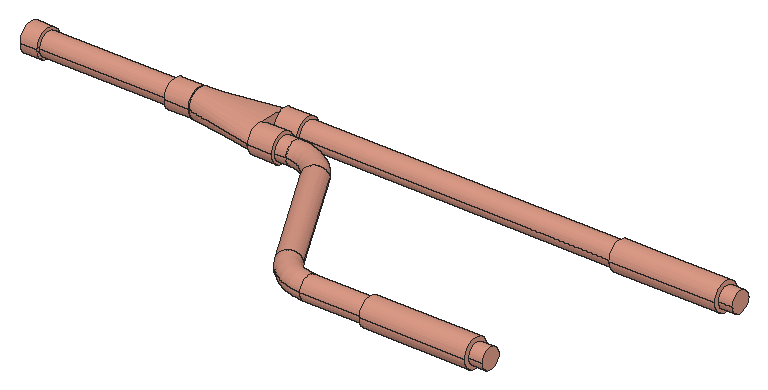
Revit family "outputfile", category 配管付属品, Revit 2024
Family settings
  丸型コネクタ寸法 = 半径を使用
  パーツ タイプ = 標準
  OmniClass 番号 = 23.65.55.00
  OmniClass タイトル = Distribution of Supplied Liquids/Gases
  作業面ベース = いいえ
  常に垂直 = はい
  ロード時にボイドで切り取り = いいえ
  共有 = いいえ
Parameters (values of type "KHRP25A22T")
  Description = ""
  製造元 = "Daikin"
  書き出し IFC クラス(タイプ) = "IfcPipeFittingType"
  定義済み IFC タイプ(タイプ) = "JUNCTION"
  Cost = 0
  Type Comments = ""
  Keynote = ""
  Type Image = (empty or 0)
  Assembly Code = ""
  mm⇔inch [instance] = yes
  l_InletPipe4 = 10.0 mm
  built-in parameter 1114242 [instance] = (empty or 0)
  Default Elevation = 0.0 mm
  モデル = "KHRP25A22T"
  table_StraightPipe [instance] = if(mm⇔inch, "Refnet Joint_KHRP25A-T_Liquid_StraightPipe", "Refnet Joint_KHRP25A-T_Liquid_StraightPipe_inch")  # "Refnet Joint_KHRP25A-T_Liquid_StraightPipe"
  table_BranchPipe [instance] = if(mm⇔inch, "Refnet Joint_KHRP25A-T_Liquid_BranchPipe", "Refnet Joint_KHRP25A-T_Liquid_BranchPipe_inch")  # "Refnet Joint_KHRP25A-T_Liquid_BranchPipe"
  table_Inlet [instance] = if(mm⇔inch, "Refnet Joint_KHRP25A-T_Liquid_Inlet", "Refnet Joint_KHRP25A-T_Liquid_Inlet_inch")  # "Refnet Joint_KHRP25A-T_Liquid_Inlet"
  switch_StraightPipe_Reducer [instance] = if(Is_StraightPipe Reducer = 1, 1 = 1, 1 = 0)  # no
  switch_StraightPipe3 [instance] = if(number_StraightPipe = 3, 1 = 1, 1 = 0)  # no
  switch_StraightPipe2 [instance] = if(number_StraightPipe < 2, 1 = 0, 1 = 1)  # yes
  switch_BranchPipe_Reducer [instance] = if(Is_BranchPipe Reducer = 1, 1 = 1, 1 = 0)  # no
  switch_BranchPipe3 [instance] = if(number_BranchPipe = 3, 1 = 1, 1 = 0)  # no
  switch_BranchPipe2 [instance] = if(number_BranchPipe < 2, 1 = 0, 1 = 1)  # yes
  switch_Inlet pipe_Reducer [instance] = if(Is_Inlet Reducer = 1, 1 = 1, 1 = 0)  # no
  switch_Inlet pipe3 [instance] = if(number_InletPipe = 3, 1 = 1, 1 = 0)  # no
  switch_Inlet pipe2 [instance] = if(number_InletPipe < 2, 1 = 0, 1 = 1)  # no
  Uniclass2015Version = "Products v1.31"
  Uniclass2015Title = "Copper pipe fittings"
  Uniclass2015Code = "Pr_65_52_63_18"
  URL = ""
  StraightPipe_Liquid_ActualDiameter [instance] = 6.4 mm
  Material_Piping = DAIKIN_Copper_Pipe
  Material_Insulation = DAIKIN_White_Insulation
  lw_Insulation [instance] = size_lookup(table_Inlet, "lw_Insulation", 26.0 mm, モデル)  # 26.0 mm
  Unit Type = "KHRP25A-T_Liquid"
  Tag No. [instance] = ""
  StraightPipe_Liquid_Status [instance] = size_lookup(table_StraightPipe, "Information", "The connected pipe size is not available.", モデル, StraightPipe_Liquid_ActualDiameter)  # "Default connector size is used."
  Link_Nested Family [instance] = ""
  Inlet_Liquid_Actual Diameter [instance] = 9.5 mm
  IfcVersion = ""
  IfcExportType = "JUNCTION"
  IfcExportAs = "IfcPipeFittingType"
  BranchPipe_Liquid_Status [instance] = size_lookup(table_BranchPipe, "Information", "The connected pipe size is not available.", モデル, BranchPipe_Liquid_ActualDiameter)  # "Default connector size is used."
  Inlet_Liquid_Status [instance] = size_lookup(table_Inlet, "Information", "The connected pipe size is not available.", モデル, Inlet_Liquid_Actual Diameter)  # "Default connector size is used."
  Series = "Refnet Joint"
  O.R_dividePipe_Inlet [instance] = (I.D_InletPipe1 + 2.0 mm) / 2  # 5.75 mm
  r_StraightPipe_Connector [instance] = StraightPipe_Liquid_ActualDiameter / 2  # 3.2 mm
  r_BranchPipe_Connector [instance] = BranchPipe_Liquid_ActualDiameter / 2  # 3.2 mm
  r_Inlet_Connector [instance] = Inlet_Liquid_Actual Diameter / 2  # 4.75 mm
  number_StraightPipe [instance] = size_lookup(table_StraightPipe, "pipeNumber", 2, モデル, StraightPipe_Liquid_ActualDiameter)  # 2
  number_BranchPipe [instance] = size_lookup(table_BranchPipe, "pipeNumber", 2, モデル, BranchPipe_Liquid_ActualDiameter)  # 2
  number_InletPipe [instance] = size_lookup(table_Inlet, "pipeNumber", 1, モデル, Inlet_Liquid_Actual Diameter)  # 1
  r_BranchPipeR [instance] = size_lookup(table_BranchPipe, "r_offsetPipeR", 18.0 mm, モデル, BranchPipe_Liquid_ActualDiameter)  # 18.0 mm
  l_BranchPipe_Straight2 [instance] = size_lookup(table_BranchPipe, "L_offsetPipe2", 25.5 mm, モデル)  # 25.5 mm
  l_BranchPipe_Straight1 [instance] = size_lookup(table_BranchPipe, "L_offsetPipe1", 5.0 mm, モデル)  # 5.0 mm
  l_BranchPipe connector [instance] = size_lookup(table_BranchPipe, "Length", 150.0 mm, モデル, BranchPipe_Liquid_ActualDiameter)  # 150.0 mm
  l_inlet connector [instance] = size_lookup(table_Inlet, "Length", 70.0 mm, モデル, Inlet_Liquid_Actual Diameter)  # 70.0 mm
  l_dividePipe [instance] = size_lookup(table_Inlet, "L_devidePipe", 30.0 mm, モデル)  # 30.0 mm
  l_StraightPipeReducer [instance] = size_lookup(table_StraightPipe, "L_Reducer", 80.0 mm, モデル, StraightPipe_Liquid_ActualDiameter)  # 80.0 mm
  l_StraightPipe3 [instance] = size_lookup(table_StraightPipe, "L_Pipe3", 2.0 mm, モデル)  # 2.0 mm
  l_StraightPipe2 [instance] = size_lookup(table_StraightPipe, "L_Pipe2", 6.0 mm, モデル)  # 6.0 mm
  l_StraightPipe1 [instance] = size_lookup(table_StraightPipe, "L_Pipe1", 44.0 mm, モデル)  # 44.0 mm
  l_StraightPipe0 [instance] = size_lookup(table_StraightPipe, "L_Pipe0", 130.0 mm, モデル)  # 130.0 mm
  l_StraightPipe connector [instance] = size_lookup(table_StraightPipe, "Length", 190.0 mm, モデル, StraightPipe_Liquid_ActualDiameter)  # 190.0 mm
  l_BranchPipe Reducer [instance] = size_lookup(table_BranchPipe, "L_Reducer", 50.0 mm, モデル, BranchPipe_Liquid_ActualDiameter)  # 50.0 mm
  l_BranchPipe3 [instance] = size_lookup(table_BranchPipe, "L_Pipe3", 2.0 mm, モデル)  # 2.0 mm
  l_BranchPipe2 [instance] = size_lookup(table_BranchPipe, "L_Pipe2", 6.0 mm, モデル)  # 6.0 mm
  l_BranchPipe1 [instance] = size_lookup(table_BranchPipe, "L_Pipe1", 44.0 mm, モデル)  # 44.0 mm
  l_BranchPipe0 [instance] = size_lookup(table_BranchPipe, "L_Pipe0", 90.0 mm, モデル)  # 90.0 mm
  l_InletReducer [instance] = size_lookup(table_Inlet, "L_Reducer", 80.0 mm, モデル, Inlet_Liquid_Actual Diameter)  # 80.0 mm
  l_InletPipe3 [instance] = size_lookup(table_Inlet, "L_Pipe3", 2.0 mm, モデル)  # 2.0 mm
  l_InletPipe2 [instance] = size_lookup(table_Inlet, "L_Pipe2", 2.0 mm, モデル)  # 2.0 mm
  l_InletPipe1 [instance] = size_lookup(table_Inlet, "L_Pipe1", 7.0 mm, モデル)  # 7.0 mm
  l_InletPipe0 [instance] = size_lookup(table_Inlet, "L_Pipe0", 53.0 mm, モデル)  # 53.0 mm
  center_StraightPipe [instance] = size_lookup(table_StraightPipe, "center_Pipe", 6.5 mm, モデル)  # 6.5 mm
  center_BranchPipe2 [instance] = size_lookup(table_BranchPipe, "center_OffsetPipe", 73.5 mm, モデル)  # 73.5 mm
  center_BranchPipe1 [instance] = size_lookup(table_BranchPipe, "center_Pipe", 6.5 mm, モデル)  # 6.5 mm
  StraightPipe_Liquid_AvailableDiameter [instance] = size_lookup(table_StraightPipe, "sizeVariation", "", モデル)  # "6.4/9.5mm"
  BranchPipe_Liquid_AvailableDiameter [instance] = size_lookup(table_BranchPipe, "sizeVariation", "", モデル)  # "6.4/9.5mm"
  Inlet_Liquid_Available Diameter [instance] = size_lookup(table_Inlet, "sizeVariation", "", モデル)  # "9.5mm"
  O.D_StraightPipe Reducer [instance] = size_lookup(table_StraightPipe, "O.D_reducer", 2.0 mm, モデル, StraightPipe_Liquid_ActualDiameter)  # 2.0 mm
  O.D_Offset Outlet Reducer [instance] = size_lookup(table_BranchPipe, "O.D_reducer", 2.0 mm, モデル, BranchPipe_Liquid_ActualDiameter)  # 2.0 mm
  O.D_Inlet Reducer [instance] = size_lookup(table_Inlet, "O.D_reducer", 2.0 mm, モデル, Inlet_Liquid_Actual Diameter)  # 2.0 mm
  Is_StraightPipe Reducer [instance] = size_lookup(table_StraightPipe, "IsReducer", 0, モデル, StraightPipe_Liquid_ActualDiameter)  # 0
  Is_BranchPipe Reducer [instance] = size_lookup(table_BranchPipe, "IsReducer", 0, モデル, BranchPipe_Liquid_ActualDiameter)  # 0
  Is_Inlet Reducer [instance] = size_lookup(table_Inlet, "IsReducer", 0, モデル, Inlet_Liquid_Actual Diameter)  # 0
  BranchPipe_Liquid_ActualDiameter [instance] = 6.4 mm
  Attach_Insulation [instance] = no
  I.D_StraightPipe3 [instance] = size_lookup(table_StraightPipe, "I.D_PipeSize3", 2.0 mm, モデル)  # 2.0 mm
  I.D_StraightPipe2 [instance] = size_lookup(table_StraightPipe, "I.D_PipeSize2", 6.4 mm, モデル)  # 6.4 mm
  I.D_StraightPipe1 [instance] = size_lookup(table_StraightPipe, "I.D_PipeSize1", 9.5 mm, モデル)  # 9.5 mm
  I.D_StraightPipe0 [instance] = size_lookup(table_StraightPipe, "I.D_PipeSize0", 7.5 mm, モデル)  # 7.5 mm
  I.D_BranchPipe3 [instance] = size_lookup(table_BranchPipe, "I.D_PipeSize3", 2.0 mm, モデル)  # 2.0 mm
  I.D_BranchPipe2 [instance] = size_lookup(table_BranchPipe, "I.D_PipeSize2", 6.4 mm, モデル)  # 6.4 mm
  I.D_BranchPipe1 [instance] = size_lookup(table_BranchPipe, "I.D_PipeSize1", 9.5 mm, モデル)  # 9.5 mm
  I.D_BranchPipe0 [instance] = size_lookup(table_BranchPipe, "I.D_PipeSize0", 7.5 mm, モデル)  # 7.5 mm
  I.D_Straight Reducer [instance] = size_lookup(table_StraightPipe, "I.D_reducer", 2.0 mm, モデル, StraightPipe_Liquid_ActualDiameter)  # 2.0 mm
  I.D_OutletPipe [instance] = size_lookup(table_Inlet, "I.D_OutletPipeSize", 9.6 mm, モデル, Inlet_Liquid_Actual Diameter)  # 9.6 mm
  I.D_Branch Reducer [instance] = size_lookup(table_BranchPipe, "I.D_reducer", 2.0 mm, モデル, BranchPipe_Liquid_ActualDiameter)  # 2.0 mm
  I.D_Inlet Reducer [instance] = size_lookup(table_Inlet, "I.D_reducer", 2.0 mm, モデル, Inlet_Liquid_Actual Diameter)  # 2.0 mm
  I.D_InletPipe3 [instance] = size_lookup(table_Inlet, "I.D_PipeSize3", 2.0 mm, モデル)  # 2.0 mm
  I.D_InletPipe2 [instance] = size_lookup(table_Inlet, "I.D_PipeSize2", 2.0 mm, モデル)  # 2.0 mm
  I.D_InletPipe1 [instance] = size_lookup(table_Inlet, "I.D_PipeSize1", 9.5 mm, モデル)  # 9.5 mm
  I.D_InletPipe0 [instance] = size_lookup(table_Inlet, "I.D_PipeSize0", 7.5 mm, モデル)  # 7.5 mm
Reference planes
  plane 1 "Center (Front/Back)": y = 0
  plane 2: z = 0
  plane 3 "base_left": x = 0
  plane 4: x = 2
  plane 5: x = 4
  plane 6: x = 11
  plane 7: x = 64
  plane 8: x = 74
  plane 9: x = 104
  plane 10: x = 114
  plane 11 "center_straight outlet": y = 6.5
  plane 12 "center2_offset outlet": y = -73.5
  plane 13 "center1_offset outlet": y = -6.5
  plane 14: x = 244
  plane 15: x = 288
  plane 16: x = 294
  plane 17: x = 204
  plane 18: x = 248
  plane 19: x = 254
  plane 20: x = 296
  plane 21: x = 256
  plane 22 "Reducer_straightoutlet": x = 254
  plane 23: x = 294
  plane 24: y = -12.25
  plane 25: z = 5.75
  plane 26 "Inlet_connector": x = 4
  plane 27 "Left_Insulation": x = 48
Forms (mm)
  SweptBlend 1, solid, material "DAIKIN_Copper_Pipe" <- "Material_Piping"
    path origin (0, 0, 0) x (1, 0, 0) y (0, 1, 0)
      loop
        line (74, 0) -> (104, 0)
    profile origin (74, 0, 0) x (0, 1, 0) y (0, 0, 1)
      loop
        circle (0, 0) r 5.75
    end profile origin (104, 0, 0) x (0, 1, 0) y (0, 0, 1)
      loop
        spline (-12.25, 0) -> (-11.833, -1.488) -> (-10.609, -2.875) -> (-8.662, -4.066) -> (-6.125, -4.98) -> (-3.171, -5.554) -> (0, -5.75) -> (3.171, -5.554) -> (6.125, -4.98) -> (8.662, -4.066) -> (10.609, -2.875) -> (11.833, -1.488) -> (12.25, 0)
        spline (12.25, 0) -> (11.833, 1.488) -> (10.609, 2.875) -> (8.662, 4.066) -> (6.125, 4.98) -> (3.171, 5.554) -> (0, 5.75) -> (-3.171, 5.554) -> (-6.125, 4.98) -> (-8.662, 4.066) -> (-10.609, 2.875) -> (-11.833, 1.488) -> (-12.25, 0)
Dimensions and locks
  "l_InletPipe3": plane 3 "base_left" to plane 4
  "l_InletPipe2": plane 4 to plane 5
  "l_InletPipe1": plane 5 to plane 6
  "l_InletPipe0": plane 6 to plane 7
  "l_InletPipe4": plane 7 to plane 8
  "center_StraightPipe": plane 1 "Center (Front/Back)" to plane 11 "center_straight outlet"
  "center_BranchPipe2": plane 12 "center2_offset outlet" to plane 1 "Center (Front/Back)"
  "center_BranchPipe1": plane 13 "center1_offset outlet" to plane 1 "Center (Front/Back)"
  "l_dividePipe": plane 8 to plane 9
  plane 9 to plane 10 = 10.0 mm
  "l_StraightPipe0": plane 10 to plane 14
  "l_BranchPipe0": plane 10 to plane 17
  "l_BranchPipe1": plane 17 to plane 18
  "l_BranchPipe2": plane 18 to plane 19
  "l_StraightPipe1": plane 14 to plane 15
  "l_StraightPipe2": plane 15 to plane 16
  "l_StraightPipe3": plane 16 to plane 20
  "l_BranchPipe3": plane 19 to plane 21
  "l_BranchPipe connector": plane 9 to plane 22 "Reducer_straightoutlet"
  "l_StraightPipe connector": plane 9 to plane 23
  "O.R_dividePipe_Inlet": plane 24 to plane 13 "center1_offset outlet"
  "O.R_dividePipe_Inlet": plane 25 to plane 2
  "l_inlet connector": plane 26 "Inlet_connector" to plane 8
  "lw_Insulation": plane 27 "Left_Insulation" to plane 8
  "O.R_dividePipe_Inlet": radius of SweptBlend 1 sketch curve
  aligned and locked: level to plane 2
  aligned and locked: plane 2 to nested 1
  aligned and locked: plane 3 "base_left" to nested 1
  aligned and locked: plane 1 "Center (Front/Back)" to nested 1
  aligned and locked: plane 4 to nested 2
  aligned and locked: plane 1 "Center (Front/Back)" to nested 2
  aligned and locked: plane 5 to nested 2
  aligned and locked: plane 5 to nested 3
  aligned and locked: plane 6 to nested 3
  aligned and locked: plane 6 to nested 4
  aligned and locked: nested 4 to plane 7
  aligned and locked: nested 5 to plane 7
  aligned and locked: nested 5 to plane 8
  aligned and locked: plane 8 to SweptBlend 1 sketch curve
  aligned and locked: plane 9 to SweptBlend 1 sketch curve
  aligned and locked: plane 2 to SweptBlend 1 sketch curve  (x2)
  aligned and locked: plane 1 "Center (Front/Back)" to SweptBlend 1 sketch curve  (x2)
  aligned and locked: nested 6 to plane 9
  aligned and locked: nested 7 to plane 9
  aligned and locked: nested 6 to plane 11 "center_straight outlet"
  aligned and locked: nested 7 to plane 13 "center1_offset outlet"
  aligned and locked: nested 7 to plane 10
  aligned and locked: nested 6 to plane 10
  aligned and locked: nested 8 to plane 10
  aligned and locked: plane 14 to nested 8
  aligned and locked: nested 8 to plane 11 "center_straight outlet"
  aligned and locked: plane 14 to nested 9
  aligned and locked: nested 9 to plane 11 "center_straight outlet"
  aligned and locked: plane 15 to nested 9
  aligned and locked: nested 10 to plane 11 "center_straight outlet"
  aligned and locked: plane 15 to nested 10
  aligned and locked: plane 16 to nested 10
  aligned and locked: nested 11 to plane 12 "center2_offset outlet"
  aligned and locked: plane 17 to nested 11
  aligned and locked: plane 18 to nested 11
  aligned and locked: nested 12 to plane 12 "center2_offset outlet"
  aligned and locked: plane 18 to nested 12
  aligned and locked: plane 19 to nested 12
  aligned and locked: nested 13 to plane 10
  aligned and locked: nested 13 to plane 13 "center1_offset outlet"
  aligned and locked: nested 13 to plane 12 "center2_offset outlet"
  aligned and locked: plane 8 to nested 14
  aligned and locked: plane 1 "Center (Front/Back)" to nested 14
  aligned and locked: plane 11 "center_straight outlet" to nested 15
  aligned and locked: nested 15 to plane 9
  aligned and locked: nested 16 to plane 9
  aligned and locked: plane 12 "center2_offset outlet" to nested 16
  aligned and locked: nested 17 to plane 1 "Center (Front/Back)"
  aligned and locked: plane 16 to nested 18
  aligned and locked: plane 20 to nested 18
  aligned and locked: plane 19 to nested 19
  aligned and locked: plane 21 to nested 19
  aligned and locked: nested 20 to plane 12 "center2_offset outlet"
  aligned and locked: plane 23 to nested 21
  aligned and locked: nested 21 to plane 11 "center_straight outlet"
  aligned and locked: plane 4 to nested 1
  aligned and locked: plane 24 to SweptBlend 1 sketch curve
  aligned and locked: plane 25 to SweptBlend 1 sketch curve
  aligned and locked: nested 19 to plane 12 "center2_offset outlet"
  aligned and locked: nested 18 to plane 11 "center_straight outlet"
  aligned and locked: nested 17 to plane 26 "Inlet_connector"
  aligned and locked: plane 22 "Reducer_straightoutlet" to nested 20
  aligned and locked: plane 27 "Left_Insulation" to nested 22
  aligned and locked: plane 1 "Center (Front/Back)" to nested 22
Automatic sketch dimensions
  plane 1 "Center (Front/Back)" to SweptBlend 1 sketch curve = 0.0 mm
Nested families
  nested 1: "daikin_Pipe" at (1, 0, 0), I.D_Pipe <- "I.D_InletPipe3", display <- "switch_Inlet pipe3", type "*"
    with length_Pipe 2.0 mm, display no, O.D_Pipe 4.0 mm, I.D_Pipe 2.0 mm
  nested 2: "daikin_Pipe" at (3, 0, 0), I.D_Pipe <- "I.D_InletPipe2", display <- "switch_Inlet pipe2", type "*"
    with length_Pipe 2.0 mm, display no, O.D_Pipe 4.0 mm, I.D_Pipe 2.0 mm
  nested 3: "daikin_Pipe" at (7.5, 0, 0), I.D_Pipe <- "I.D_InletPipe1", type "*"
    with length_Pipe 7.0 mm, display yes, O.D_Pipe 11.5 mm, I.D_Pipe 9.5 mm
  nested 4: "daikin_Pipe" at (37.5, 0, 0), I.D_Pipe <- "I.D_InletPipe0", type "*"
    with length_Pipe 53.0 mm, display yes, O.D_Pipe 9.5 mm, I.D_Pipe 7.5 mm
  nested 5: "daikin_Pipe" at (69, 0, 0), I.D_Pipe <- "I.D_InletPipe1", type "*"
    with length_Pipe 10.0 mm, display yes, O.D_Pipe 11.5 mm, I.D_Pipe 9.5 mm
  nested 6: "daikin_Pipe" at (109, 6.5, 0), I.D_Pipe <- "I.D_OutletPipe", type "*"
    with length_Pipe 10.0 mm, display yes, O.D_Pipe 11.6 mm, I.D_Pipe 9.6 mm
  nested 7: "daikin_Pipe" at (109, -6.5, 0), I.D_Pipe <- "I.D_OutletPipe", type "*"
    with length_Pipe 10.0 mm, display yes, O.D_Pipe 11.6 mm, I.D_Pipe 9.6 mm
  nested 8: "daikin_Pipe" at (179, 6.5, 0), I.D_Pipe <- "I.D_StraightPipe0", type "*"
    with length_Pipe 130.0 mm, display yes, O.D_Pipe 9.5 mm, I.D_Pipe 7.5 mm
  nested 9: "daikin_Pipe" at (266, 6.5, 0), I.D_Pipe <- "I.D_StraightPipe1", type "*"
    with length_Pipe 44.0 mm, display yes, O.D_Pipe 11.5 mm, I.D_Pipe 9.5 mm
  nested 10: "daikin_Pipe" at (291, 6.5, 0), I.D_Pipe <- "I.D_StraightPipe2", display <- "switch_StraightPipe2", type "*"
    with length_Pipe 6.0 mm, display yes, O.D_Pipe 8.4 mm, I.D_Pipe 6.4 mm
  nested 11: "daikin_Pipe" at (226, -73.5, 0), I.D_Pipe <- "I.D_BranchPipe1", type "*"
    with length_Pipe 44.0 mm, display yes, O.D_Pipe 11.5 mm, I.D_Pipe 9.5 mm
  nested 12: "daikin_Pipe" at (251, -73.5, 0), I.D_Pipe <- "I.D_BranchPipe2", display <- "switch_BranchPipe2", type "*"
    with length_Pipe 6.0 mm, display yes, O.D_Pipe 8.4 mm, I.D_Pipe 6.4 mm
  nested 13: "daikin_Pipe Ofsset" at (114, -6.5, 0), I.D_Pipe size <- "I.D_BranchPipe0", length_straight pipe1 <- "l_BranchPipe_Straight1", length_straight pipe2 <- "l_BranchPipe_Straight2", r_Pipe R <- "r_BranchPipeR", length_Pipe <- "l_BranchPipe0", type "*"
    with r_Pipe R 18.0 mm, length_straight pipe2 25.5 mm, length_straight pipe1 5.0 mm, length_offset center 67.0 mm, length_Pipe 90.0 mm, O.D_Pipe size 9.5 mm, I.D_Pipe size 7.5 mm
  nested 14: "daikin_connector_rotate2" at (74, 0, 0) x (0, -1, 0) z (0, 0, 1), length <- "l_inlet connector", type "daikin_connector_rotate2"
    with radius 5.0 mm, length 70.0 mm, angle_vertical 90.00°, locaton_mark no
  nested 15: "daikin_connector_rotate2" at (104, 6.5, 0) x (0, 1, 0) z (0, 0, 1), length <- "l_StraightPipe connector", type "daikin_connector_rotate2"
    with radius 5.0 mm, length 190.0 mm, angle_vertical 90.00°, locaton_mark no
  nested 16: "daikin_connector_rotate2" at (104, -73.5, 0) x (0, 1, 0) z (0, 0, 1), length <- "l_BranchPipe connector", type "daikin_connector_rotate2"
    with radius 5.0 mm, length 150.0 mm, angle_vertical 90.00°, locaton_mark no
  nested 17: "daikin_Pipe_reducer" at (44, 0, 0) x (-1, 0, 0) z (0, 0, 1), display <- "switch_Inlet pipe_Reducer", length_Pipe <- "l_InletReducer", I.D_Pipe1 <- "I.D_Inlet Reducer", O.D_Pipe2 <- "O.D_Inlet Reducer", type "*"
    with length_Pipe 80.0 mm, display no, O.D_Pipe2 2.0 mm, O.D_Pipe1 4.0 mm, I.D_Pipe2 0.0 mm, I.D_Pipe1 2.0 mm
  nested 18: "daikin_Pipe" at (295, 6.5, 0), I.D_Pipe <- "I.D_StraightPipe3", display <- "switch_StraightPipe3", type "*"
    with length_Pipe 2.0 mm, display no, O.D_Pipe 4.0 mm, I.D_Pipe 2.0 mm
  nested 19: "daikin_Pipe" at (255, -73.5, 0), I.D_Pipe <- "I.D_BranchPipe3", display <- "switch_BranchPipe3", type "*"
    with length_Pipe 2.0 mm, display no, O.D_Pipe 4.0 mm, I.D_Pipe 2.0 mm
  nested 20: "daikin_Pipe_reducer" at (229, -73.5, 0), I.D_Pipe1 <- "I.D_Branch Reducer", O.D_Pipe2 <- "O.D_Offset Outlet Reducer", length_Pipe <- "l_BranchPipe Reducer", display <- "switch_BranchPipe_Reducer", type "*"
    with length_Pipe 50.0 mm, display no, O.D_Pipe2 2.0 mm, O.D_Pipe1 4.0 mm, I.D_Pipe2 0.0 mm, I.D_Pipe1 2.0 mm
  nested 21: "daikin_Pipe_reducer" at (254, 6.5, 0), I.D_Pipe1 <- "I.D_Straight Reducer", O.D_Pipe2 <- "O.D_StraightPipe Reducer", length_Pipe <- "l_StraightPipeReducer", display <- "switch_StraightPipe_Reducer", type "*"
    with length_Pipe 80.0 mm, display no, O.D_Pipe2 2.0 mm, O.D_Pipe1 4.0 mm, I.D_Pipe2 0.0 mm, I.D_Pipe1 2.0 mm
  nested 22: "daikin_Insulation_RefnetJoint" at (48, 0, 0), I.D_Outlet PipeSize <- "I.D_OutletPipe", type "*"
    with h 41.6 mm, I.D_Outlet PipeSize 9.6 mm, display no
Connectors
  piping at (4, 0, 0), diameter 9.5, driven by "r_Inlet_Connector"
    settings: on nested 14, index 1, connector inside diameter 609.6 mm, connector length 0.0 mm, flow factor 0, pipe flow 0.00 m³/h, pressure drop 0.0 Pa, fitting loss kfactor 0, connector angle 0.00°, fixture units 0, engagement length 0.0 mm, angle of deflection 0.00°, flow configuration 0, flow direction 1, fitting loss method 0, system type 29, joint type 0, gender type 0, connector reference index -1, connector utility 0, adjustable connector no, is connector primary yes, connector description "Refnet Joint_Inlet_Liquid"
  piping at (254, -73.5, 0), diameter 6.4, driven by "r_BranchPipe_Connector"
    settings: on nested 16, index 2, connector inside diameter 609.6 mm, connector length 0.0 mm, flow factor 0, pipe flow 0.00 m³/h, pressure drop 0.0 Pa, fitting loss kfactor 0, connector angle 0.00°, fixture units 0, engagement length 0.0 mm, angle of deflection 0.00°, flow configuration 0, flow direction 2, fitting loss method 0, system type 29, joint type 0, gender type 0, connector reference index -1, connector utility 0, adjustable connector no, is connector primary no, connector description "Refnet Joint_Outlet Branch_Liquid"
  piping at (294, 6.5, 0), diameter 6.4, driven by "r_StraightPipe_Connector"
    settings: on nested 15, index 3, connector inside diameter 609.6 mm, connector length 0.0 mm, flow factor 0, pipe flow 0.00 m³/h, pressure drop 0.0 Pa, fitting loss kfactor 0, connector angle 0.00°, fixture units 0, engagement length 0.0 mm, angle of deflection 0.00°, flow configuration 0, flow direction 2, fitting loss method 0, system type 29, joint type 0, gender type 0, connector reference index -1, connector utility 0, adjustable connector no, is connector primary no, connector description "Refnet Joint_Outlet Straight_Liquid"
Definition of nested family "daikin_Pipe"
  Parameters (values of type "*")
    Default Elevation = 0.0 mm
    material = none
    length_Pipe [instance] = 150.0 mm
    display [instance] = yes
    O.D_Pipe [instance] = I.D_Pipe + 2.0 mm  # 27.0 mm
    I.D_Pipe [instance] = 25.0 mm
  Reference planes
    plane 1 "Center (Front/Back)": y = 0
    plane 2 "center(vertical)": z = 0
    plane 3 "Center (Left/Right)": x = 0
    plane 4 "left": x = -75
    plane 5 "right": x = 75
  Forms (mm)
    Extrusion 1, solid, material <- "material", visible <- "display"
      sketch origin (0, 0, 0) x (0, 1, 0) y (0, 0, 1)
        loop
          circle (0, 0) r 13.5
      from -75 to 75
  Dimensions and locks
    equal spacing: plane 4 "left", plane 3 "Center (Left/Right)", plane 5 "right"
    "length_Pipe": plane 4 "left" to plane 5 "right"
    "O.D_Pipe": diameter of Extrusion 1 sketch curve
    aligned and locked: level to plane 2 "center(vertical)"
    aligned and locked: plane 2 "center(vertical)" to Extrusion 1 sketch curve
    aligned and locked: plane 1 "Center (Front/Back)" to Extrusion 1 sketch curve
    aligned and locked: plane 5 "right" to Extrusion 1
    aligned and locked: Extrusion 1 to plane 4 "left"
Definition of nested family "daikin_Pipe Ofsset"
  Parameters (values of type "*")
    Default Elevation = 0.0 mm
    r_Pipe R [instance] = 18.0 mm
    material = none
    length_straight pipe2 [instance] = 25.5 mm
    length_straight pipe1 [instance] = 5.0 mm
    length_offset center [instance] = 67.5 mm
    length_Pipe [instance] = 90.0 mm
    O.D_Pipe size [instance] = I.D_Pipe size + 2.0 mm  # 12.0 mm
    I.D_Pipe size [instance] = 10.0 mm
  Reference planes
    plane 1 "Center (Front/Back)": y = 0
    plane 2: z = 0
    plane 3 "Center (Left/Right)": x = 0
    plane 4: y = -67.5
    plane 5: x = 90
    plane 6: x = 64.5
    plane 7: x = 5
  Forms (mm)
    Sweep 1, solid, material <- "material"
      path origin (0, 0, 0) x (1, 0, 0) y (0, 1, 0)
        loop
          line (0, 0) -> (5, 0)
          arc (5, 0) -> (14.03, -2.429) -> (20.623, -9.061) r 18
          line (20.623, -9.061) -> (48.877, -58.439)
          arc (48.877, -58.439) -> (55.47, -65.071) -> (64.5, -67.5) r 18
          line (64.5, -67.5) -> (90, -67.5)
      profile origin (2.5, 0, 0) x (0, 1, 0) y (0, 0, 1)
        loop
          circle (0, 0) r 6
  Dimensions and locks
    "length_offset center": plane 4 to plane 1 "Center (Front/Back)"
    "length_straight pipe1": plane 3 "Center (Left/Right)" to plane 7
    "length_Pipe": plane 3 "Center (Left/Right)" to plane 5
    "length_straight pipe2": plane 6 to plane 5
    "O.D_Pipe size": diameter of Sweep 1 sketch curve
    "r_Pipe R": radius of Sweep 1 sketch curve  (x2)
    aligned and locked: level to plane 2
    aligned and locked: plane 1 "Center (Front/Back)" to Sweep 1 sketch curve
    aligned and locked: profile plane to Sweep 1 sketch curve
    aligned and locked: plane 5 to Sweep 1 sketch curve
    aligned and locked: plane 7 to Sweep 1 sketch curve
    aligned and locked: plane 6 to Sweep 1 sketch curve
  Automatic sketch dimensions
    plane 1 "Center (Front/Back)" to Sweep 1 sketch curve = 0.0 mm
    Sweep 1 sketch curve to plane 3 "Center (Left/Right)" = 0.0 mm
    plane 4 to Sweep 1 sketch curve = 0.0 mm
Definition of nested family "daikin_connector_rotate2"
  Parameters (values of type "daikin_connector_rotate2")
    show_face = no
    radius [instance] = 10.0 mm
    locaton_mark = yes
    length [instance] = 600.0 mm
    d_surface = 10.0 mm
    angle_vertical [instance] = 90.00°
    Default Elevation = 0.0 mm
  Reference planes
    plane 1 "Center (Front/Back)": y = 0
    plane 2: z = 0
    plane 3 "Center (Left/Right)": x = 0
  Forms (mm)
    Extrusion 1, solid, visible <- "show_face"
      sketch origin (0, -600, 0) x (1, 0, 0) y (0, 0, 1)
        loop
          circle (0, 0) r 10
      from 0 to -10
  Lines and regions (mm)
    reference lines
      curve 1: line (0, 0, 0) -> (0, -600, 0)
    symbolic lines, visible <- "locaton_mark"
      curve 2: circle (0, 0, 0) r 5 normal (0, 0, 1)
    model lines, visible <- "show_face"
      curve 3: line (0, 0, 0) -> (0, -600, 0)
  Dimensions and locks
    "length": curve 1 to curve 1
    "length": curve 3 to curve 3
    "d_surface": Extrusion 1 to Extrusion 1
    "radius": radius of Extrusion 1 sketch curve
    "angle_vertical": angle curve 1 to plane 1 "Center (Front/Back)"
    "angle_vertical": angle curve 3 to plane 1 "Center (Front/Back)"
    aligned and locked: level to plane 2
    aligned and locked: plane 1 "Center (Front/Back)" to curve 1
    aligned and locked: plane 2 to curve 1
    aligned and locked: plane 1 "Center (Front/Back)" to curve 2
    aligned and locked: plane 3 "Center (Left/Right)" to curve 2
    aligned and locked: plane 1 "Center (Front/Back)" to curve 3
    aligned and locked: plane 2 to curve 3
    aligned and locked: Extrusion 1 to Extrusion 1
  Automatic sketch dimensions
    Extrusion 1 sketch curve to level = 0.0 mm
    Extrusion 1 sketch curve to plane 3 "Center (Left/Right)" = 0.0 mm
    radius of curve 2 = 5.0 mm
Definition of nested family "daikin_Pipe_reducer"
  Parameters (values of type "*")
    Default Elevation = 0.0 mm
    material = none
    length_Pipe [instance] = 250.0 mm
    display [instance] = yes
    O.D_Pipe2 [instance] = 19.1 mm
    O.D_Pipe1 [instance] = I.D_Pipe1 + 2.0 mm  # 24.2 mm
    I.D_Pipe2 [instance] = O.D_Pipe2 - 2.0 mm  # 17.1 mm
    I.D_Pipe1 [instance] = 22.2 mm
  Reference planes
    plane 1 "Center (Front/Back)": y = 0
    plane 2 "center(vertical)": z = 0
    plane 3 "Center (Left/Right)": x = 0
    plane 4 "connection": x = -125
    plane 5 "right": x = 113
    plane 6: x = 125
  Forms (mm)
    Extrusion 1, solid, material <- "material", visible <- "display"
      sketch origin (0, 0, 0) x (0, 1, 0) y (0, 0, 1)
        loop
          circle (0, 0) r 9.55
      from -125 to 113
    Extrusion 2, solid, material <- "material", visible <- "display"
      sketch origin (0, 0, 0) x (0, 1, 0) y (0, 0, 1)
        loop
          circle (0, 0) r 12.1
      from 113 to 125
  Dimensions and locks
    locked: plane 5 "right" to plane 6 at 12
    "length_Pipe": plane 4 "connection" to plane 6
    equal spacing: plane 4 "connection", plane 3 "Center (Left/Right)", plane 6
    "O.D_Pipe2": diameter of Extrusion 1 sketch curve
    "O.D_Pipe1": diameter of Extrusion 2 sketch curve
    aligned and locked: level to plane 2 "center(vertical)"
    aligned and locked: plane 2 "center(vertical)" to Extrusion 1 sketch curve
    aligned and locked: plane 1 "Center (Front/Back)" to Extrusion 1 sketch curve
    aligned and locked: plane 5 "right" to Extrusion 1
    aligned and locked: Extrusion 1 to plane 4 "connection"
    aligned and locked: plane 2 "center(vertical)" to Extrusion 2 sketch curve
    aligned and locked: plane 1 "Center (Front/Back)" to Extrusion 2 sketch curve
    aligned and locked: Extrusion 2 to plane 5 "right"
    aligned and locked: plane 6 to Extrusion 2
Definition of nested family "daikin_Insulation_RefnetJoint"
  Parameters (values of type "*")
    d_Insulation3_3 = size_lookup(table_Insulation, "d_Insulation3_3", 131.5 mm, Model)  # 64.0 mm
    d_Insulation2_2 = size_lookup(table_Insulation, "d_Insulation2_2", 79.0 mm, Model)  # 30.0 mm
    d_Insulation1_1 = size_lookup(table_Insulation, "d_Insulation1_1", 56.0 mm, Model)  # 22.0 mm
    Default Elevation = 0.0 mm
    Model = "KHRP25A22T"
    w_Insulation5 = size_lookup(table_Insulation, "w_Insulation5", 212.0 mm, Model)  # 153.0 mm
    w_Insulation4 = size_lookup(table_Insulation, "w_Insulation4", 67.0 mm, Model)  # 48.6 mm
    w_Insulation3 = size_lookup(table_Insulation, "w_Insulation3", 34.7 mm, Model)  # 22.3 mm
    w_Insulation2 = size_lookup(table_Insulation, "w_Insulation2", 80.0 mm, Model)  # 37.5 mm
    w_Insulation1 = size_lookup(table_Insulation, "w_Insulation1", 22.0 mm, Model)  # 1.0 mm
    table_Insulation = "Refnet Joint_KHRP25A-T_Liquid_Insulation"  # constant formula
    material = none
    h [instance] = (I.D_Outlet PipeSize + 2.0 mm) + 30.0 mm  # 47.0 mm
    display = yes
    d_Insulation3 = size_lookup(table_Insulation, "d_Insulation3", 131.5 mm, Model)  # 63.0 mm
    d_Insulation2 = size_lookup(table_Insulation, "d_Insulation2", 79.0 mm, Model)  # 32.0 mm
    d_Insulation1 = size_lookup(table_Insulation, "d_Insulation1", 56.0 mm, Model)  # 24.0 mm
    I.D_Outlet PipeSize [instance] = 15.0 mm
  Reference planes
    plane 1 "Center (Front/Back)": y = 0
    plane 2: z = 0
    plane 3 "Left": x = 0
    plane 4 "top": z = 23.5
    plane 5 "bottom": z = -23.5
    plane 6: x = 1
    plane 7: x = 37.5
    plane 8: y = 22
    plane 9: y = -24
    plane 10: y = 30
    plane 11: y = -32
    plane 12: y = -97
    plane 13: x = 153
    plane 14: y = -34
    plane 15: x = 59.8
    plane 16: x = 104.4
  Forms (mm)
    Extrusion 1, solid, material <- "material", visible <- "display"
      sketch origin (-21, 0, 0) x (1, 0, 0) y (0, 1, 0)
        loop
          line (22, 22) -> (21, 22) -> (21, -24) -> (22, -24) -> (58.5, -32) -> (80.8, -32) -> (125.4, -97) -> (174, -97) -> (174, -51) -> (164.5, -51)
          arc (164.5, -51) -> (147.5, -34) -> (164.5, -17) r 17
          line (164.5, -17) -> (174, -17) -> (174, 30) -> (58.5, 30) -> (22, 22)
      from -23.5 to 23.5
  Dimensions and locks
    equal spacing: plane 4 "top", plane 2, plane 5 "bottom"
    "h": plane 4 "top" to plane 5 "bottom"
    "w_Insulation1": plane 3 "Left" to plane 6
    "w_Insulation2": plane 3 "Left" to plane 7
    "w_Insulation5": plane 3 "Left" to plane 13
    "w_Insulation3": plane 7 to plane 15
    "w_Insulation4": plane 16 to plane 13
    "d_Insulation1": plane 1 "Center (Front/Back)" to plane 9
    "d_Insulation1_1": plane 8 to plane 1 "Center (Front/Back)"
    "d_Insulation2": plane 1 "Center (Front/Back)" to plane 11
    "d_Insulation2_2": plane 10 to plane 1 "Center (Front/Back)"
    "d_Insulation3_3": plane 10 to plane 14
    "d_Insulation3": plane 14 to plane 12
    Extrusion 1 sketch curve to plane 14 to Extrusion 1 sketch curve = 17.0 mm locked, 17.0 mm locked
    aligned and locked: level to plane 2
    aligned and locked: Extrusion 1 to plane 5 "bottom"
    aligned and locked: plane 4 "top" to Extrusion 1
    aligned and locked: plane 6 to Extrusion 1  (x2)
    aligned and locked: plane 7 to Extrusion 1  (x2)
    aligned and locked: plane 6 to Extrusion 1 sketch curve
    aligned and locked: Extrusion 1 sketch curve to plane 11
    aligned and locked: plane 7 to Extrusion 1 sketch curve  (x2)
    aligned and locked: Extrusion 1 sketch curve to plane 10
    aligned and locked: Extrusion 1 sketch curve to plane 12
    aligned and locked: Extrusion 1 sketch curve to plane 13  (x2)
    aligned and locked: plane 16 to Extrusion 1 sketch curve
    aligned and locked: plane 15 to Extrusion 1 sketch curve
  Automatic sketch dimensions
    Extrusion 1 sketch curve to plane 3 "Left" = 0.0 mm
    Extrusion 1 sketch curve to plane 6 = 0.0 mm
    Extrusion 1 sketch curve to plane 9 = 0.0 mm
    Extrusion 1 sketch curve to plane 8 = 0.0 mm
    Extrusion 1 sketch curve to plane 13 = 9.5 mm
